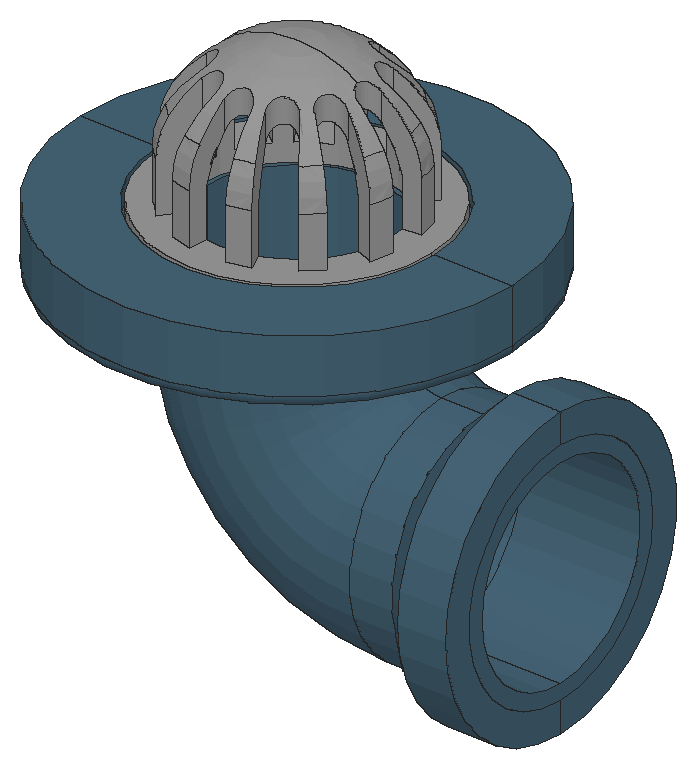
Revit family "Drain_Cornice_4.5_Inch_Top-Zurn-Z182", category Plumbing Fixtures, Revit 2022
Family settings
  Round Connector Dimension = Use Radius
  Part Type = Normal
  OmniClass Number = 23.70.50.21.24.14
  OmniClass Title = Deck Waste Water Drains
  Work Plane-Based = No
  Always vertical = Yes
  Cut with Voids When Loaded = No
  Maintain Annotation Orientation = No
  Shared = No
  Room Calculation Point = No
Parameters (values of type "ZN182-2 Inch Threaded Outlet")
  Waste Connection = 1 = 1  # yes
  WFU = 1  # constant formula
  Vent Connection = 1 = 0  # no
  URL = "www.zurn.com"
  Type Comments = ""
  Product data url = "https://www.bimobject.com/en-in/zurnindustries/product/zurn-z182"
  Product Page URL = "https://www.zurn.com/products/drainage-interceptors/roof-drains/cornice/z182"
  Product Installation Sheet URL = ""
  Product Documentation Link = "https://files.zurn.com/spec-sheets/z182.pdf"
  Pipe Size 'A' (Outer Radius) = [Pipe Size 'A' (Outer Diameter)] / 2  # 1.1875"
  Pipe Size 'A' (Outer Diameter) = 2.375"
  Pipe Size 'A' (Nominal Radius) = [Pipe Size 'A' (Nominal Diameter)] / 2  # 1.000"
  Pipe Size 'A' (Nominal Diameter) = 2.000"
  Pipe Size 'A' (Inner Radius) = [Pipe Size 'A' (Inner Diameter)] / 2  # 1.0335"
  Pipe Size 'A' (Inner Diameter) = 2.067"
  Modified Date = "01/06/2025"  # constant formula
  Model = "ZN182"
  Manufacurer Brand = "Zurn"  # constant formula
  Manufacturer = "Zurn Water, LLC"  # constant formula
  Main Material = Iron - Zurn - Cast - Painted - Blue
  HWFU = 0  # constant formula
  HW Connection = 1 = 0  # no
  Dome Open Area = 4.500 in²
  Dome Material = Bronze - Zurn - Polished Nickel
  Description = "4-1/2 [114] DIAMETER CORNICE DRAIN W/ 90° OUTLET"  # constant formula
  Default Elevation = 30.000"
  Date Created = "10/16/2018"  # constant formula
  CWFU = 0  # constant formula
  CW Connection = 1 = 0  # no
  Body Height (E) = 4.000"
  Assembly Code = "D2040200"
  Approx. Wt. Lbs. = 5.00 lbf
Types (2): name | Model | Dome Material
  ZN182-2 Inch Threaded Outlet | "ZN182" | Bronze - Zurn - Polished Nickel
  ZRB182-2 Inch Threaded Outlet | "ZRB182" | Bronze - Zurn - Polished
Reference planes
  plane 1 "Center (Front/Back)": y = 0
  plane 2: z = 0
  plane 3 "Center (Left/Right)": x = 0
  plane 4: x = 30.163
  plane 5: x = -30.162
  plane 6: y = -30.162
  plane 7: y = 30.162
  plane 8: z = -17.463
  plane 9: y = -26.251
  plane 10: y = 26.251
  plane 11: z = 38.1
  plane 12: x = -57.15
  plane 13: x = 57.15
  plane 14 "cl": z = -63.5
  plane 15: z = -37.249
  plane 16: z = -89.751
  plane 17: z = -33.337
  plane 18: z = -93.662
  plane 19: x = 69.85
  plane 20: x = -23.812
  plane 21: z = -101.6
  plane 22: y = 39.687
  plane 23: y = -39.688
Forms (mm)
  Sweep 1, solid, material "Iron - Zurn - Cast - Painted - Blue" <- "Main Material", detail levels fine
    path origin (0, 0, 0) x (1, 0, 0) y (0, 0, 1)
      loop
        line (69.85, -63.5) -> (38.1, -63.5)
        arc (38.1, -63.5) -> (11.159, -52.341) -> (0, -25.4) r 38.1
        line (0, -25.4) -> (0, -17.463)
    profile origin (53.975, 0, -63.5) x (0, 0, -1) y (0, -1, 0)
      loop
        circle (0, 0) r 30.163
      loop
        circle (0, 0) r 26.251
  Revolve 2, solid, material "Iron - Zurn - Cast - Painted - Blue" <- "Main Material", visible <- "Waste Connection", detail levels fine
    sketch origin (0, 0, 0) x (1, 0, 0) y (0, 0, 1)
      loop
        line (-36.513, 0) -> (-57.15, 0) -> (-57.15, -14.288)
        arc (-57.15, -14.288) -> (-56.22, -16.533) -> (-53.975, -17.463) r 3.175
        line (-53.975, -17.463) -> (-36.512, -17.463)
        arc (-36.512, -17.463) -> (-29.777, -20.252) -> (-26.987, -26.988) r 9.525
        line (-26.987, -26.988) -> (-26.987, -30.163) -> (-23.812, -30.163) -> (-23.812, -4.763) -> (-36.513, -4.763) -> (-36.513, 0)
      axis (0, 0) -> (0, -30.163)
    angle from 0 to 360
  Revolve 3, solid, material "Iron - Zurn - Cast - Painted - Blue" <- "Main Material", detail levels fine
    sketch origin (0, 0, 0) x (1, 0, 0) y (0, 0, 1)
      loop
        line (49.212, -93.662) -> (57.15, -101.6) -> (69.85, -101.6) -> (69.85, -93.662) -> (49.212, -93.662)
      axis (69.85, -63.5) -> (49.212, -63.5)
    angle from 0 to 360
Lines and regions (mm)
  Masking region 1, detail levels fine
    outline origin (0, 0, -63.5) x (0, -1, 0) y (1, 0, 0)
      loop
        line (39.688, 41.122) -> (39.688, 69.85) -> (-39.687, 69.85) -> (-39.688, 41.122)
        arc (-39.688, 41.122) -> (0, -57.15) -> (39.688, 41.122) r 57.15
  model lines, style "GenericModel", detail levels coarse+medium
    curve 1: circle (0, 0, 0) r 36.513 normal (0, 0, 1)
    curve 2: line (69.85, 0, -33.337) -> (69.85, 0, -93.662)
    curve 3: circle (0, 0, 0) r 57.15 normal (0, 0, 1)
    curve 4: line (69.85, -30.162, -63.5) -> (69.85, 30.162, -63.5)
    curve 5: line (69.85, 0, -63.5) -> (38.1, 0, -63.5)
    curve 6: line (0, 0, -25.4) -> (0, 0, 0)
    curve 7: arc (38.1, 0, -63.5) -> (11.159, 0, -52.341) -> (0, 0, -25.4) r 38.1
    curve 44: circle (0, 0, 0) r 29.299 normal (0, 0, -1)
  model lines, detail levels coarse+medium
    curve 8: line (29.299, 0, 13.509) -> (29.299, 0, 0)
    curve 9: spline (26.528, 0, 23.206) -> (26.961, 0, 22.474) -> (27.359, 0, 21.722) -> (27.722, 0, 20.953) -> (28.049, 0, 20.167) -> (28.34, 0, 19.367) -> (28.592, 0, 18.554) -> (28.807, 0, 17.73) -> (28.984, 0, 16.897) -> (29.121, 0, 16.056) -> (29.22, 0, 15.21) -> (29.279, 0, 14.36) -> (29.299, 0, 13.509)
    curve 10: arc (26.528, 0, 23.206) -> (15.411, 0, 34.477) -> (0, 0, 38.1) r 28.575
    curve 11: line (25.373, 14.649, 13.509) -> (25.373, 14.649, 0)
    curve 12: spline (22.974, 13.264, 23.206) -> (23.349, 13.48, 22.474) -> (23.694, 13.68, 21.722) -> (24.008, 13.861, 20.953) -> (24.291, 14.025, 20.167) -> (24.543, 14.17, 19.367) -> (24.762, 14.296, 18.554) -> (24.948, 14.404, 17.73) -> (25.101, 14.492, 16.897) -> (25.22, 14.561, 16.056) -> (25.305, 14.61, 15.21) -> (25.356, 14.639, 14.36) -> (25.373, 14.649, 13.509)
    curve 13: arc (22.974, 13.264, 23.206) -> (13.346, 7.706, 34.477) -> (0, 0, 38.1) r 28.575
    curve 14: line (14.649, 25.373, 13.509) -> (14.649, 25.373, 0)
    curve 15: spline (13.264, 22.974, 23.206) -> (13.48, 23.349, 22.474) -> (13.68, 23.694, 21.722) -> (13.861, 24.008, 20.953) -> (14.025, 24.291, 20.167) -> (14.17, 24.543, 19.367) -> (14.296, 24.762, 18.554) -> (14.404, 24.948, 17.73) -> (14.492, 25.101, 16.897) -> (14.561, 25.22, 16.056) -> (14.61, 25.305, 15.21) -> (14.639, 25.356, 14.36) -> (14.649, 25.373, 13.509)
    curve 16: arc (13.264, 22.974, 23.206) -> (7.706, 13.346, 34.477) -> (0, 0, 38.1) r 28.575
    curve 17: line (0, 29.299, 13.509) -> (0, 29.299, 0)
    curve 18: spline (0, 26.528, 23.206) -> (0, 26.961, 22.474) -> (0, 27.359, 21.722) -> (0, 27.722, 20.953) -> (0, 28.049, 20.167) -> (0, 28.34, 19.367) -> (0, 28.592, 18.554) -> (0, 28.807, 17.73) -> (0, 28.984, 16.897) -> (0, 29.121, 16.056) -> (0, 29.22, 15.21) -> (0, 29.279, 14.36) -> (0, 29.299, 13.509)
    curve 19: arc (0, 26.528, 23.206) -> (0, 15.411, 34.477) -> (0, 0, 38.1) r 28.575
    curve 20: line (-14.649, 25.373, 13.509) -> (-14.649, 25.373, 0)
    curve 21: spline (-13.264, 22.974, 23.206) -> (-13.48, 23.349, 22.474) -> (-13.68, 23.694, 21.722) -> (-13.861, 24.008, 20.953) -> (-14.025, 24.291, 20.167) -> (-14.17, 24.543, 19.367) -> (-14.296, 24.762, 18.554) -> (-14.404, 24.948, 17.73) -> (-14.492, 25.101, 16.897) -> (-14.561, 25.22, 16.056) -> (-14.61, 25.305, 15.21) -> (-14.639, 25.356, 14.36) -> (-14.649, 25.373, 13.509)
    curve 22: arc (-13.264, 22.974, 23.206) -> (-7.706, 13.346, 34.477) -> (0, 0, 38.1) r 28.575
    curve 23: line (-25.373, 14.649, 13.509) -> (-25.373, 14.649, 0)
    curve 24: spline (-22.974, 13.264, 23.206) -> (-23.349, 13.48, 22.474) -> (-23.694, 13.68, 21.722) -> (-24.008, 13.861, 20.953) -> (-24.291, 14.025, 20.167) -> (-24.543, 14.17, 19.367) -> (-24.762, 14.296, 18.554) -> (-24.948, 14.404, 17.73) -> (-25.101, 14.492, 16.897) -> (-25.22, 14.561, 16.056) -> (-25.305, 14.61, 15.21) -> (-25.356, 14.639, 14.36) -> (-25.373, 14.649, 13.509)
    curve 25: arc (-22.974, 13.264, 23.206) -> (-13.346, 7.706, 34.477) -> (0, 0, 38.1) r 28.575
    curve 26: line (-29.299, 0, 13.509) -> (-29.299, 0, 0)
    curve 27: spline (-26.528, 0, 23.206) -> (-26.961, 0, 22.474) -> (-27.359, 0, 21.722) -> (-27.722, 0, 20.953) -> (-28.049, 0, 20.167) -> (-28.34, 0, 19.367) -> (-28.592, 0, 18.554) -> (-28.807, 0, 17.73) -> (-28.984, 0, 16.897) -> (-29.121, 0, 16.056) -> (-29.22, 0, 15.21) -> (-29.279, 0, 14.36) -> (-29.299, 0, 13.509)
    curve 28: arc (-26.528, 0, 23.206) -> (-15.411, 0, 34.477) -> (0, 0, 38.1) r 28.575
    curve 29: line (-25.373, -14.649, 13.509) -> (-25.373, -14.649, 0)
    curve 30: spline (-22.974, -13.264, 23.206) -> (-23.349, -13.48, 22.474) -> (-23.694, -13.68, 21.722) -> (-24.008, -13.861, 20.953) -> (-24.291, -14.025, 20.167) -> (-24.543, -14.17, 19.367) -> (-24.762, -14.296, 18.554) -> (-24.948, -14.404, 17.73) -> (-25.101, -14.492, 16.897) -> (-25.22, -14.561, 16.056) -> (-25.305, -14.61, 15.21) -> (-25.356, -14.639, 14.36) -> (-25.373, -14.649, 13.509)
    curve 31: arc (-22.974, -13.264, 23.206) -> (-13.346, -7.706, 34.477) -> (0, 0, 38.1) r 28.575
    curve 32: line (-14.649, -25.373, 13.509) -> (-14.649, -25.373, 0)
    curve 33: spline (-13.264, -22.974, 23.206) -> (-13.48, -23.349, 22.474) -> (-13.68, -23.694, 21.722) -> (-13.861, -24.008, 20.953) -> (-14.025, -24.291, 20.167) -> (-14.17, -24.543, 19.367) -> (-14.296, -24.762, 18.554) -> (-14.404, -24.948, 17.73) -> (-14.492, -25.101, 16.897) -> (-14.561, -25.22, 16.056) -> (-14.61, -25.305, 15.21) -> (-14.639, -25.356, 14.36) -> (-14.649, -25.373, 13.509)
    curve 34: arc (-13.264, -22.974, 23.206) -> (-7.706, -13.346, 34.477) -> (0, 0, 38.1) r 28.575
    curve 35: line (0, -29.299, 13.509) -> (0, -29.299, 0)
    curve 36: spline (0, -26.528, 23.206) -> (0, -26.961, 22.474) -> (0, -27.359, 21.722) -> (0, -27.722, 20.953) -> (0, -28.049, 20.167) -> (0, -28.34, 19.367) -> (0, -28.592, 18.554) -> (0, -28.807, 17.73) -> (0, -28.984, 16.897) -> (0, -29.121, 16.056) -> (0, -29.22, 15.21) -> (0, -29.279, 14.36) -> (0, -29.299, 13.509)
    curve 37: arc (0, -26.528, 23.206) -> (0, -15.411, 34.477) -> (0, 0, 38.1) r 28.575
    curve 38: line (14.649, -25.373, 13.509) -> (14.649, -25.373, 0)
    curve 39: spline (13.264, -22.974, 23.206) -> (13.48, -23.349, 22.474) -> (13.68, -23.694, 21.722) -> (13.861, -24.008, 20.953) -> (14.025, -24.291, 20.167) -> (14.17, -24.543, 19.367) -> (14.296, -24.762, 18.554) -> (14.404, -24.948, 17.73) -> (14.492, -25.101, 16.897) -> (14.561, -25.22, 16.056) -> (14.61, -25.305, 15.21) -> (14.639, -25.356, 14.36) -> (14.649, -25.373, 13.509)
    curve 40: arc (13.264, -22.974, 23.206) -> (7.706, -13.346, 34.477) -> (0, 0, 38.1) r 28.575
    curve 41: line (25.373, -14.649, 13.509) -> (25.373, -14.649, 0)
    curve 42: spline (22.974, -13.264, 23.206) -> (23.349, -13.48, 22.474) -> (23.694, -13.68, 21.722) -> (24.008, -13.861, 20.953) -> (24.291, -14.025, 20.167) -> (24.543, -14.17, 19.367) -> (24.762, -14.296, 18.554) -> (24.948, -14.404, 17.73) -> (25.101, -14.492, 16.897) -> (25.22, -14.561, 16.056) -> (25.305, -14.61, 15.21) -> (25.356, -14.639, 14.36) -> (25.373, -14.649, 13.509)
    curve 43: arc (22.974, -13.264, 23.206) -> (13.346, -7.706, 34.477) -> (0, 0, 38.1) r 28.575
Dimensions and locks
  equal spacing: plane 5, plane 3 "Center (Left/Right)", plane 4
  plane 5 to plane 4 = 2.375"
  equal spacing: plane 6, plane 1 "Center (Front/Back)", plane 7
  "Pipe Size 'A' (Outer Diameter)": plane 6 to plane 7
  "Pipe Size 'A' (Inner Radius)": plane 9 to plane 1 "Center (Front/Back)" to plane 10
  locked: level to plane 8 at 17.463
  plane 11 to level = 1.500"
  "Pipe Size 'A' (Outer Radius)": plane 4 to plane 3 "Center (Left/Right)" to plane 5
  locked: level to plane 14 "cl" at 63.5
  "Pipe Size 'A' (Inner Radius)": plane 15 to plane 14 "cl" to plane 16
  "Pipe Size 'A' (Outer Radius)": plane 17 to plane 14 "cl" to plane 18
  locked: plane 19 to plane 3 "Center (Left/Right)" at 69.85
  plane 13 to plane 3 "Center (Left/Right)" to plane 12 = 2.250" locked, 2.250" locked
  locked: plane 20 to plane 5 at 6.35
  locked: Revolve 2 sketch curve to plane 20 at 3.175
  locked: plane 8 to Revolve 2 sketch curve at 12.7
  "Body Height (E)": level to plane 21
  curve 3 to plane 3 "Center (Left/Right)" to curve 3 = 2.250" locked, 2.250" locked
  curve 1 to plane 3 "Center (Left/Right)" to curve 1 = 1.4375" locked, 1.4375" locked
  locked: plane 7 to plane 22 at 9.525
  locked: plane 6 to plane 23 at 9.525
  locked: Sweep 1 sketch curve to plane 3 "Center (Left/Right)" at 38.1
  locked: Sweep 1 sketch curve to plane 14 "cl" at 38.1
  locked: curve 3 to Revolve 2 sketch curve at 4.763
  locked: plane 3 "Center (Left/Right)" to Revolve 2 sketch curve at 36.513
  locked: curve 7 to plane 3 "Center (Left/Right)" at 38.1  (x2)
  locked: curve 7 to plane 14 "cl" at 38.1  (x2)
  curve 44 to plane 3 "Center (Left/Right)" to curve 44 = 1.1535" locked, 1.1535" locked
  Masking region 1 sketch curve to plane 1 "Center (Front/Back)" to Masking region 1 sketch curve = 2.250" locked, 2.250" locked
  radius of curve 1 = 1.4375"
  "Pipe Size 'A' (Outer Diameter)": diameter of Sweep 1 sketch curve
  "Pipe Size 'A' (Inner Diameter)": diameter of Sweep 1 sketch curve
  radius of Revolve 2 sketch curve = 0.375"
  locked: Revolve 3 sketch curve to Revolve 3 sketch curve (angle 135.00°)
  aligned and locked: level to plane 2
  aligned and locked: plane 1 "Center (Front/Back)" to curve 1
  aligned and locked: plane 3 "Center (Left/Right)" to Sweep 1 sketch curve
  aligned and locked: plane 19 to Sweep 1 sketch curve
  aligned and locked: plane 1 "Center (Front/Back)" to Sweep 1 sketch curve  (x2)
  aligned and locked: plane 14 "cl" to Sweep 1 sketch curve  (x2)
  aligned and locked: Revolve 2 sketch curve to plane 12
  aligned and locked: level to Revolve 2 sketch curve
  aligned and locked: plane 11 to Revolve 2 sketch curve
  aligned and locked: plane 20 to Revolve 2 sketch curve
  aligned and locked: Revolve 3 sketch curve to plane 19
  aligned and locked: plane 21 to Revolve 3 sketch curve
  aligned and locked: plane 18 to Revolve 3 sketch curve
  aligned and locked: plane 13 to Revolve 3 sketch curve
  aligned and locked: Sweep 1 to Revolve 3 sketch curve
  aligned and locked: Revolve 3 sketch curve to plane 14 "cl"
  aligned and locked: Revolve 2 sketch curve to plane 3 "Center (Left/Right)"
  aligned and locked: curve 2 to plane 19
  aligned and locked: plane 1 "Center (Front/Back)" to curve 3
  aligned and locked: plane 7 to curve 4
  aligned and locked: plane 6 to curve 4
  aligned and locked: plane 19 to curve 4
  aligned and locked: level to curve 6
  aligned and locked: plane 19 to curve 5
  aligned and locked: Masking region 1 sketch curve to plane 22
  aligned and locked: Masking region 1 sketch curve to plane 19
  aligned and locked: plane 23 to Masking region 1 sketch curve
  aligned and locked: Sweep 1 sketch curve to plane 14 "cl"
  aligned and locked: nested 1 to level
  aligned and locked: plane 3 "Center (Left/Right)" to nested 1
  aligned and locked: plane 1 "Center (Front/Back)" to nested 1
  aligned and locked: curve 5 to plane 14 "cl"
  aligned and locked: plane 8 to Sweep 1 sketch curve
  aligned and locked: plane 1 "Center (Front/Back)" to curve 44
  aligned and locked: plane 17 to curve 2
  aligned and locked: plane 18 to curve 2
  aligned and locked: plane 3 "Center (Left/Right)" to Masking region 1 sketch curve
Automatic sketch dimensions
  Revolve 3 sketch curve to plane 3 "Center (Left/Right)" = 0.000"
  Revolve 2 sketch curve to plane 8 = 0.000"
  Revolve 2 sketch curve to plane 16 = 0.000"
  plane 12 to Revolve 2 sketch curve = 0.125"
Nested families
  nested 1: "Z182_Grate" at (0, 0, 0), Strainer Material <- "Dome Material", type "Z415C_Grate", detail levels fine
    with Strainer Material Bronze - Zurn - Polished Nickel, Strainer Diameter (B) 4.500", Grate Radius 1.950"
Connectors
  piping at (69.85, 0, -63.5), diameter 50.8, driven by "Pipe Size 'A' (Nominal Radius)", driven by "Waste Connection", driven by "Waste Connection"
    settings: on Revolve 3, index 1, connector inside diameter 24", connector length 0.000", flow factor 0, pipe flow 0.0 L/s, pressure drop 0.0 Pa, fitting loss kfactor 0, connector angle 0.00°, fixture units 0, engagement length 0.000", angle of deflection 0.00°, flow configuration 0, flow direction 2, fitting loss method 0, system type 16, joint type 0, gender type 0, connector reference index -1, connector utility 1, adjustable connector yes, is connector primary yes, connector description "Sanitary Outlet"
Definition of nested family "Z182_Grate"
  Parameters (values of type "Z415C_Grate")
    Waste Connection = 1 = 1  # yes
    WFU = 0  # constant formula
    Vent Connection = 1 = 0  # no
    URL = "www.zurn.com"
    Type Comments = ""
    Strainer Material [instance] = none
    Strainer Diameter (B) [instance] = 3.000"
    Product data url = ""
    Product Page URL = ""
    Product Installation Sheet URL = ""
    Product Documentation Link = ""
    Modified Date = ""
    Model = ""
    Manufacurer Brand = "Zurn"  # constant formula
    Manufacturer = "Zurn Water, LLC"  # constant formula
    HWFU = 0  # constant formula
    HW Connection = 1 = 0  # no
    Grate Radius [instance] = ([Strainer Diameter (B)] - 0.600") / 2  # 1.200"
    Description = ""
    Default Elevation = 0.000"
    Date Created = ""
    CWFU = 0  # constant formula
    CW Connection = 1 = 0  # no
    Assembly Code = "D2030300"
  Reference planes
    plane 1 "Center (Front/Back)": y = 0
    plane 2: z = 0
    plane 3 "Center (Left/Right)": x = 0
    plane 4: x = -25.4
    plane 5: x = 25.4
    plane 6: x = 68.326
    plane 7: z = -60.916
    plane 8: x = 38.1
    plane 9: x = -38.1
    plane 10: y = -38.1
    plane 11: y = 38.1
    plane 12: z = -11.125
    plane 13: z = -4.775
  Forms (mm)
    Revolve 1, solid, material <- "Strainer Material"
      sketch origin (0, 0, 0) x (1, 0, 0) y (0, 0, 1)
        loop
          line (-35.56, -4.775) -> (-24.93, -4.775) -> (-24.93, 12.638)
          arc (-24.93, 12.638) -> (-16.198, 27.48) -> (0, 33.325) r 25.365
          line (0, 33.325) -> (0, 38.1)
          arc (0, 38.1) -> (-15.376, 34.128) -> (-26.906, 23.206) r 31.75
          arc (-26.906, 23.206) -> (-28.982, 18.554) -> (-29.693, 13.509) r 18.265
          line (-29.693, 13.509) -> (-29.693, 0) -> (-35.56, 0) -> (-35.56, -4.775)
        axis (0, 38.1) -> (0, -4.775)
      angle from 0 to 360
    Extrusion 2, void
      sketch origin (0, 0, 0) x (0, 1, 0) y (-1, 0, 0)
        loop
          arc (19.536, 3.673) -> (16.269, 0) -> (19.536, -3.673) r 3.699
          line (19.536, -3.673) -> (67.85, -9.349)
          arc (67.85, -9.349) -> (68.491, 0) -> (67.85, 9.349) r 68.491
          line (67.85, 9.349) -> (19.536, 3.673)
      from 0 to 76.2 <- "Strainer Diameter (B)"
    Extrusion 3, void
      sketch origin (0, 0, 0) x (-0.5, 0.866025, 0) y (-0.866025, -0.5, 0)
        loop
          arc (19.536, 3.673) -> (16.269, 0) -> (19.536, -3.673) r 3.699
          line (19.536, -3.673) -> (67.85, -9.349)
          arc (67.85, -9.349) -> (68.491, 0) -> (67.85, 9.349) r 68.491
          line (67.85, 9.349) -> (19.536, 3.673)
      from 0 to 76.2 <- "Strainer Diameter (B)"
    Extrusion 4, void
      sketch origin (0, 0, 0) x (0.5, 0.866025, 0) y (-0.866025, 0.5, 0)
        loop
          arc (19.536, 3.673) -> (16.269, 0) -> (19.536, -3.673) r 3.699
          line (19.536, -3.673) -> (67.85, -9.349)
          arc (67.85, -9.349) -> (68.491, 0) -> (67.85, 9.349) r 68.491
          line (67.85, 9.349) -> (19.536, 3.673)
      from 0 to 76.2 <- "Strainer Diameter (B)"
    Extrusion 5, void
      sketch origin (0, 0, 0) x (0.866025, 0.5, 0) y (-0.5, 0.866025, 0)
        loop
          arc (19.536, 3.673) -> (16.269, 0) -> (19.536, -3.673) r 3.699
          line (19.536, -3.673) -> (67.85, -9.349)
          arc (67.85, -9.349) -> (68.491, 0) -> (67.85, 9.349) r 68.491
          line (67.85, 9.349) -> (19.536, 3.673)
      from 0 to 76.2 <- "Strainer Diameter (B)"
    Extrusion 6, void
      sketch origin (0, 0, 0) x (1, 0, 0) y (0, 1, 0)
        loop
          arc (19.536, 3.673) -> (16.269, 0) -> (19.536, -3.673) r 3.699
          line (19.536, -3.673) -> (67.85, -9.349)
          arc (67.85, -9.349) -> (68.491, 0) -> (67.85, 9.349) r 68.491
          line (67.85, 9.349) -> (19.536, 3.673)
      from 0 to 76.2 <- "Strainer Diameter (B)"
    Extrusion 7, void
      sketch origin (0, 0, 0) x (0.866025, -0.5, 0) y (0.5, 0.866025, 0)
        loop
          arc (19.536, 3.673) -> (16.269, 0) -> (19.536, -3.673) r 3.699
          line (19.536, -3.673) -> (67.85, -9.349)
          arc (67.85, -9.349) -> (68.491, 0) -> (67.85, 9.349) r 68.491
          line (67.85, 9.349) -> (19.536, 3.673)
      from 0 to 76.2 <- "Strainer Diameter (B)"
    Extrusion 8, void
      sketch origin (0, 0, 0) x (0.5, -0.866025, 0) y (0.866025, 0.5, 0)
        loop
          arc (19.536, 3.673) -> (16.269, 0) -> (19.536, -3.673) r 3.699
          line (19.536, -3.673) -> (67.85, -9.349)
          arc (67.85, -9.349) -> (68.491, 0) -> (67.85, 9.349) r 68.491
          line (67.85, 9.349) -> (19.536, 3.673)
      from 0 to 76.2 <- "Strainer Diameter (B)"
    Extrusion 9, void
      sketch origin (0, 0, 0) x (0, -1, 0) y (1, 0, 0)
        loop
          arc (19.536, 3.673) -> (16.269, 0) -> (19.536, -3.673) r 3.699
          line (19.536, -3.673) -> (67.85, -9.349)
          arc (67.85, -9.349) -> (68.491, 0) -> (67.85, 9.349) r 68.491
          line (67.85, 9.349) -> (19.536, 3.673)
      from 0 to 76.2 <- "Strainer Diameter (B)"
    Extrusion 10, void
      sketch origin (0, 0, 0) x (-0.5, -0.866025, 0) y (0.866025, -0.5, 0)
        loop
          arc (19.536, 3.673) -> (16.269, 0) -> (19.536, -3.673) r 3.699
          line (19.536, -3.673) -> (67.85, -9.349)
          arc (67.85, -9.349) -> (68.491, 0) -> (67.85, 9.349) r 68.491
          line (67.85, 9.349) -> (19.536, 3.673)
      from 0 to 76.2 <- "Strainer Diameter (B)"
    Extrusion 11, void
      sketch origin (0, 0, 0) x (-0.866025, -0.5, 0) y (0.5, -0.866025, 0)
        loop
          arc (19.536, 3.673) -> (16.269, 0) -> (19.536, -3.673) r 3.699
          line (19.536, -3.673) -> (67.85, -9.349)
          arc (67.85, -9.349) -> (68.491, 0) -> (67.85, 9.349) r 68.491
          line (67.85, 9.349) -> (19.536, 3.673)
      from 0 to 76.2 <- "Strainer Diameter (B)"
    Extrusion 12, void
      sketch origin (0, 0, 0) x (-1, 0, 0) y (0, -1, 0)
        loop
          arc (19.536, 3.673) -> (16.269, 0) -> (19.536, -3.673) r 3.699
          line (19.536, -3.673) -> (67.85, -9.349)
          arc (67.85, -9.349) -> (68.491, 0) -> (67.85, 9.349) r 68.491
          line (67.85, 9.349) -> (19.536, 3.673)
      from 0 to 76.2 <- "Strainer Diameter (B)"
    Extrusion 13, void
      sketch origin (0, 0, 0) x (-0.866025, 0.5, 0) y (-0.5, -0.866025, 0)
        loop
          arc (19.536, 3.673) -> (16.269, 0) -> (19.536, -3.673) r 3.699
          line (19.536, -3.673) -> (67.85, -9.349)
          arc (67.85, -9.349) -> (68.491, 0) -> (67.85, 9.349) r 68.491
          line (67.85, 9.349) -> (19.536, 3.673)
      from 0 to 76.2 <- "Strainer Diameter (B)"
  Cuts and joins
    Extrusion 2, Extrusion 3, Extrusion 4, Extrusion 5, Extrusion 6, Extrusion 7, Extrusion 8, Extrusion 9, Extrusion 10, Extrusion 11, Extrusion 12, Extrusion 13 cuts Revolve 1
  Dimensions and locks
    equal spacing: plane 9, plane 3 "Center (Left/Right)", plane 8
    "Strainer Diameter (B)": plane 9 to plane 8
    equal spacing: plane 10, plane 1 "Center (Front/Back)", plane 11
    "Strainer Diameter (B)": plane 10 to plane 11
    locked: level to plane 13 at 4.775
    locked: plane 13 to plane 12 at 6.35
    locked: Extrusion 2 sketch curve to Extrusion 2 sketch curve at 18.698
    locked: Extrusion 3 sketch curve to Extrusion 3 sketch curve at 18.698
    locked: Extrusion 4 sketch curve to Extrusion 4 sketch curve at 18.698
    locked: Extrusion 5 sketch curve to Extrusion 5 sketch curve at 18.698
    locked: Extrusion 6 sketch curve to Extrusion 6 sketch curve at 18.698
    locked: Extrusion 7 sketch curve to Extrusion 7 sketch curve at 18.698
    locked: Extrusion 8 sketch curve to Extrusion 8 sketch curve at 18.698
    locked: Extrusion 9 sketch curve to Extrusion 9 sketch curve at 18.698
    locked: Extrusion 10 sketch curve to Extrusion 10 sketch curve at 18.698
    locked: Extrusion 11 sketch curve to Extrusion 11 sketch curve at 18.698
    locked: Extrusion 12 sketch curve to Extrusion 12 sketch curve at 18.698
    locked: Extrusion 13 sketch curve to Extrusion 13 sketch curve at 18.698
    locked: Revolve 1 sketch curve to level at 38.1
    locked: Revolve 1 sketch curve to Revolve 1 sketch curve at 4.763
    locked: Revolve 1 sketch curve to Revolve 1 sketch curve at 4.775
    locked: Revolve 1 sketch curve to Revolve 1 sketch curve at 35.56
    Revolve 1 sketch curve to Revolve 1 sketch curve = 0.231"
    radius of Revolve 1 sketch curve = 1.250"
    aligned and locked: level to plane 2
    aligned and locked: Revolve 1 sketch curve to plane 3 "Center (Left/Right)"
    aligned and locked: Revolve 1 sketch curve to Revolve 1 sketch curve  (x3)
  Automatic sketch dimensions
    Extrusion 2 sketch curve to Extrusion 2 sketch curve = 0.76913"
    Extrusion 2 sketch curve to Extrusion 2 sketch curve = 0.000"  (x2)
    Extrusion 2 sketch curve to Extrusion 2 sketch curve = 0.01699"
    Extrusion 2 sketch curve to Extrusion 2 sketch curve = 1.90212"
    Extrusion 3 sketch curve to Extrusion 3 sketch curve = 0.76913"
    Extrusion 3 sketch curve to Extrusion 3 sketch curve = 0.000"  (x2)
    Extrusion 3 sketch curve to Extrusion 3 sketch curve = 0.01699"
    Extrusion 3 sketch curve to Extrusion 3 sketch curve = 1.90212"
    Extrusion 4 sketch curve to Extrusion 4 sketch curve = 0.76913"
    Extrusion 4 sketch curve to Extrusion 4 sketch curve = 0.000"  (x2)
    Extrusion 4 sketch curve to Extrusion 4 sketch curve = 0.01699"
    Extrusion 4 sketch curve to Extrusion 4 sketch curve = 1.90212"
    Extrusion 5 sketch curve to Extrusion 5 sketch curve = 0.76913"
    Extrusion 5 sketch curve to Extrusion 5 sketch curve = 0.000"  (x2)
    Extrusion 5 sketch curve to Extrusion 5 sketch curve = 0.01699"
    Extrusion 5 sketch curve to Extrusion 5 sketch curve = 1.90212"
    Extrusion 6 sketch curve to Extrusion 6 sketch curve = 0.76913"
    Extrusion 6 sketch curve to Extrusion 6 sketch curve = 0.000"  (x2)
    Extrusion 6 sketch curve to Extrusion 6 sketch curve = 0.01699"
    Extrusion 6 sketch curve to Extrusion 6 sketch curve = 1.90212"
    Extrusion 7 sketch curve to Extrusion 7 sketch curve = 0.76913"
    Extrusion 7 sketch curve to Extrusion 7 sketch curve = 0.000"  (x2)
    Extrusion 7 sketch curve to Extrusion 7 sketch curve = 0.01699"
    Extrusion 7 sketch curve to Extrusion 7 sketch curve = 1.90212"
    Extrusion 8 sketch curve to Extrusion 8 sketch curve = 0.76913"
    Extrusion 8 sketch curve to Extrusion 8 sketch curve = 0.000"  (x2)
    Extrusion 8 sketch curve to Extrusion 8 sketch curve = 0.01699"
    Extrusion 8 sketch curve to Extrusion 8 sketch curve = 1.90212"
    Extrusion 9 sketch curve to Extrusion 9 sketch curve = 0.76913"
    Extrusion 9 sketch curve to Extrusion 9 sketch curve = 0.000"  (x2)
    Extrusion 9 sketch curve to Extrusion 9 sketch curve = 0.01699"
    Extrusion 9 sketch curve to Extrusion 9 sketch curve = 1.90212"
    Extrusion 10 sketch curve to Extrusion 10 sketch curve = 0.76913"
    Extrusion 10 sketch curve to Extrusion 10 sketch curve = 0.000"  (x2)
    Extrusion 10 sketch curve to Extrusion 10 sketch curve = 0.01699"
    Extrusion 10 sketch curve to Extrusion 10 sketch curve = 1.90212"
    Extrusion 11 sketch curve to Extrusion 11 sketch curve = 0.76913"
    Extrusion 11 sketch curve to Extrusion 11 sketch curve = 0.000"  (x2)
    Extrusion 11 sketch curve to Extrusion 11 sketch curve = 0.01699"
    Extrusion 11 sketch curve to Extrusion 11 sketch curve = 1.90212"
    Extrusion 12 sketch curve to Extrusion 12 sketch curve = 0.76913"
    Extrusion 12 sketch curve to Extrusion 12 sketch curve = 0.000"  (x2)
    Extrusion 12 sketch curve to Extrusion 12 sketch curve = 0.01699"
    Extrusion 12 sketch curve to Extrusion 12 sketch curve = 1.90212"
    Extrusion 13 sketch curve to Extrusion 13 sketch curve = 0.76913"
    Extrusion 13 sketch curve to Extrusion 13 sketch curve = 0.000"  (x2)
    Extrusion 13 sketch curve to Extrusion 13 sketch curve = 0.01699"
    Extrusion 13 sketch curve to Extrusion 13 sketch curve = 1.90212"
    Revolve 1 sketch curve to plane 13 = 0.000"
    Revolve 1 sketch curve to level = 0.000"
    Revolve 1 sketch curve to plane 3 "Center (Left/Right)" = 0.44989"
    Revolve 1 sketch curve to Revolve 1 sketch curve = 0.06336"
    Revolve 1 sketch curve to Revolve 1 sketch curve = 0.21849"
    Revolve 1 sketch curve to plane 7 = 12.01294"
    Revolve 1 sketch curve to Revolve 1 sketch curve = 85.18683"
